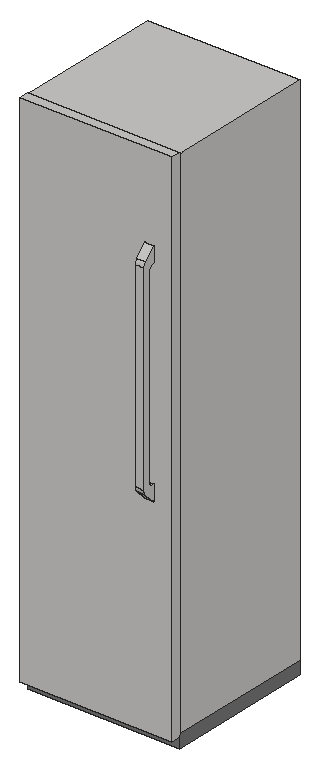
Revit family "DRR24980LAP", category Specialty Equipment, Revit 2014
Parameters (values of type "DRR24980LAP")
  iQ RemoteView™ Camera = "Yes (2 ea)"
  Width = 23 3/4"
  Volts (V) = "115"
  Unit = Stainless Steel
  Total Unit Gross Capacity (cu.ft.) - AHAM = "13.7 cu. ft."
  Support = Plastic-Black
  Special Modes = "Sabbath Mode"
  Shelf Material = "Tempered, Metal Trim, Spill-Proof"
  Refrigerator Gross Capacity (cu.ft.) = "13.7 cu. ft."
  Refrigerator - Power Cool = "34°F (1°C)"
  Refrigerator = "34°F (1°C) to 44°F (7°C)"
  Push-To-Open™ Door Assist = "Yes"
  Precise Cooling = "Yes"
  Power Cord Length (in.) = "78 3/4\""
  Power Cool = "Yes"
  Plug Type = "120 V, 3 Prong"
  Panel Ready = "Yes"
  Model = "DRR24980LAP"
  Manufacturer = "Dacor"
  Lighting = "3DLighting™"
  Internal Water Dispenser = "Yes"
  Interior Material = "SteelCool™ Stainless Steel Interior"
  Height = 83 3/8"
  Handle = Stainless Steel
  Full Width Shelves = "4 ea"
  Full Extension Drawers at 90º Door Opening Angle = "Yes"
  FreshZone™ Drawer = "Yes - Cheese (37°F) / Cold Drinks (33°F) / Meat (29°F)"
  Frequency (Hz) = "60"
  ENERGY STAR® Qualified = "Yes"
  Door Swing = "Left"
  Door Open Alarm = "Yes"
  Door Bins = "4 ea"
  Door = Stainless Steel
  Description = "24-INCH REFRIGERATOR COLUMN, LEFT-HINGE"
  Depth = 25"
  Deodorizing Filter = "Yes"
  Dedicated Evaporator & Compressor System = "Yes"
  Current (A) = "3"
  Crisper Drawers = "2 ea"
  Annual Energy Consumption = "260 kWy/year"
Reference planes (in)
  plane 1 "Center (Front/Back)": y = 0
  plane 2: z = 0
  plane 3 "Center (Left/Right)": x = 0
  plane 4: y = 12.5
  plane 5: y = -12.5
  plane 6: x = -11.875
  plane 7: x = 11.875
  plane 8: z = 83.375
  plane 9: z = 2
  plane 10: y = -14.375
  plane 11: y = -11
Forms (in)
  Extrusion 1, solid, material "Stainless Steel" <- "Unit"
    sketch origin (0, 0, 0) x (1, 0, 0) y (0, 1, 0)
      loop
        line (-11.875, -11) -> (-10.875, -11) -> (-10.875, 11.375) -> (10.875, 11.375) -> (10.875, -11) -> (11.875, -11) -> (11.875, 12.5) -> (-11.875, 12.5) -> (-11.875, -11)
    from 2 to 83.375
  Extrusion 2, solid, material "Stainless Steel" <- "Handle"
    sketch origin (0, 0, 0) x (1, 0, 0) y (0, 0, 1)
      loop
        line (-11.875, 1.57503) -> (11.875, 1.57503) -> (11.875, 83.5) -> (-11.875, 83.5) -> (-11.875, 1.57503)
    from 11 to 12.5
  Extrusion 3, solid, material "Plastic-Black" <- "Support"
    sketch origin (0, 0, 0) x (0, 1, 0) y (0, 0, 1)
      loop
        line (12.5, 2) -> (-11, 2) -> (-11, 0) -> (12.5, 0) -> (12.5, 2)
    from -11.875 to 11.875
  Extrusion 4, solid, material "Stainless Steel" <- "Unit"
    sketch origin (0, 0, 83.375) x (1, 0, 0) y (0, 1, 0)
      loop
        line (-10.875, 11.375) -> (-10.875, -11) -> (10.875, -11) -> (10.875, 11.375) -> (-10.875, 11.375)
    from 0 to -1.14126
  Extrusion 5, solid, material "Stainless Steel" <- "Handle"
    sketch origin (0.5, 0, 0) x (0, 1, 0) y (0, 0, -1)
      loop
        line (-12.5, -70.125) -> (-12.5, -67.65625) -> (-12.96875, -67.65625) -> (-13.4375, -67.1875) -> (-13.4375, -64.9375) -> (-14.375, -64.9375) -> (-14.375, -67.83579)
        arc (-14.375, -67.83579) -> (-14.29888, -68.21847) -> (-14.08211, -68.54289) r 1
        line (-14.08211, -68.54289) -> (-12.5, -70.125)
    from -8.55491 to -7.21363
  Extrusion 6, solid, material "Stainless Steel" <- "Handle"
    sketch origin (0.5, 0, 104.5) x (0, 1, 0) y (0, 0, -1)
      loop
        line (-12.5, 70.25) -> (-14.00888, 68.74112)
        arc (-14.00888, 68.74112) -> (-14.27985, 68.33559) -> (-14.375, 67.85723) r 1.25
        line (-14.375, 67.85723) -> (-14.375, 65.0625) -> (-13.4375, 65.0625) -> (-13.4375, 67.3125) -> (-12.96875, 67.78125) -> (-12.5, 67.78125) -> (-12.5, 70.25)
    from -8.55491 to -7.21363
  Extrusion 7, solid, material "Stainless Steel" <- "Handle"
    sketch origin (-0.75, 0, 0) x (-1, 0, 0) y (0, -1, 0)
      loop
        line (-9.80491, 13.4375) -> (-8.46363, 13.4375) -> (-8.46363, 14.375) -> (-9.80491, 14.375) -> (-9.80491, 13.4375)
    from 65.0625 to 39.4375
Cuts and joins
  joined: Extrusion 1, Extrusion 4
  joined: Extrusion 5, Extrusion 6, Extrusion 7
Dimensions and locks (in)
  equal spacing: plane 6, plane 3 "Center (Left/Right)", plane 7
  "Width": plane 6 to plane 7
  equal spacing: plane 4, plane 1 "Center (Front/Back)", plane 5
  "Depth": plane 4 to plane 5
  "Height": plane 8 to plane 2
  plane 9 to plane 2 = 2"
  plane 5 to plane 10 = 1 7/8"
  plane 11 to plane 5 = 1 1/2"
  Extrusion 3 to Extrusion 3 = 23 3/4"
  Extrusion 2 to Extrusion 3 = 25"
  Extrusion 3 to cut or joined group of Extrusion 1, Extrusion 4 = 83 3/8"
  aligned and locked: level to plane 2
  aligned and locked: Extrusion 3 to plane 6
  aligned and locked: plane 7 to Extrusion 3
Automatic sketch dimensions
  Extrusion 1 sketch curve to plane 6 = 0"
  Extrusion 1 sketch curve to plane 11 = 0"  (x2)
  Extrusion 1 sketch curve to plane 7 = 0"
  Extrusion 1 sketch curve to plane 4 = 0"
  Extrusion 1 sketch curve to Extrusion 1 sketch curve = 1"
  Extrusion 1 sketch curve to plane 7 = 1"
  Extrusion 1 sketch curve to plane 4 = 1 1/8"
  Extrusion 2 sketch curve to plane 6 = 0"
  Extrusion 2 sketch curve to plane 7 = 0"
  Extrusion 2 sketch curve to plane 9 = 0.42497"
  plane 8 to Extrusion 2 sketch curve = 1/8"
  Extrusion 3 sketch curve to plane 9 = 0"
  Extrusion 3 sketch curve to plane 11 = 0"
  Extrusion 3 sketch curve to level = 0"
  Extrusion 3 sketch curve to plane 4 = 0"
  Extrusion 1 to Extrusion 4 sketch curve = 0"  (x2)
  Extrusion 4 sketch curve to Extrusion 1 = 0"  (x2)
  Extrusion 5 sketch curve to plane 10 = 0"
  Extrusion 5 sketch curve to plane 5 = 0"
  Extrusion 5 sketch curve to plane 10 = 0.29289"
  Extrusion 5 sketch curve to plane 5 = 15/16"
  Extrusion 5 sketch curve to Extrusion 5 sketch curve = 1/16"
  Extrusion 5 sketch curve to Extrusion 5 sketch curve = 13/32"
  Extrusion 5 sketch curve to plane 8 = 13 1/4"
  Extrusion 5 sketch curve to Extrusion 5 sketch curve = 1.58211"
  Extrusion 5 sketch curve to Extrusion 5 sketch curve = 0.17954"
  Extrusion 5 sketch curve to Extrusion 5 sketch curve = 0.64829"
  Extrusion 5 sketch curve to Extrusion 5 sketch curve = 2 1/4"
  Extrusion 6 sketch curve to plane 10 = 0"
  Extrusion 6 sketch curve to plane 5 = 0"
  Extrusion 6 sketch curve to plane 10 = 0.36612"
  Extrusion 6 sketch curve to plane 5 = 15/16"
  Extrusion 6 sketch curve to plane 5 = 5/8"
  Extrusion 6 sketch curve to Extrusion 6 sketch curve = 5/32"
  plane 9 to Extrusion 6 sketch curve = 37 7/16"
  Extrusion 6 sketch curve to Extrusion 6 sketch curve = 2 1/4"
  Extrusion 6 sketch curve to Extrusion 6 sketch curve = 15/32"
  Extrusion 6 sketch curve to Extrusion 6 sketch curve = 0.54473"
  Extrusion 6 sketch curve to Extrusion 6 sketch curve = 1.50888"
  plane 10 to Extrusion 7 sketch curve = 0"
  plane 7 to Extrusion 7 sketch curve = 2.82009"
  Extrusion 7 sketch curve to Extrusion 7 sketch curve = 1.34127"
  plane 5 to Extrusion 7 sketch curve = 15/16"
